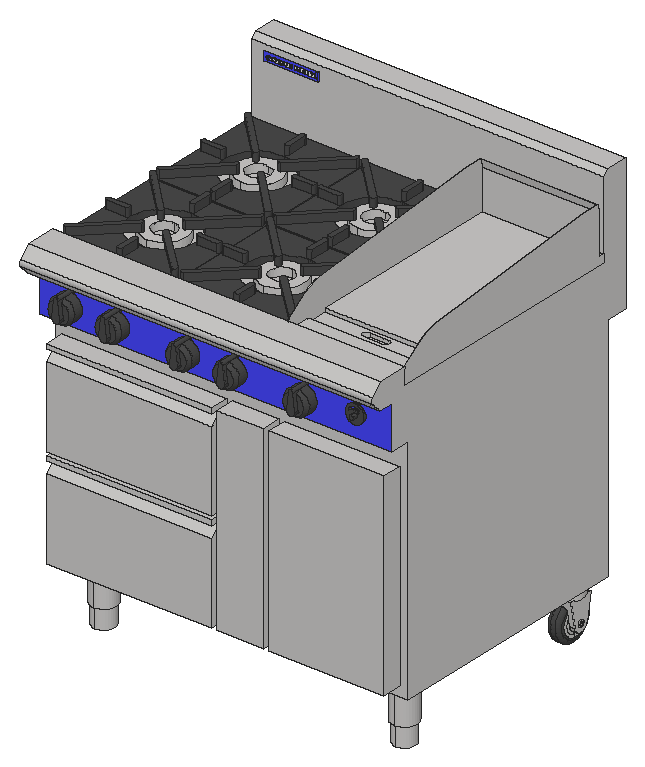
Revit family "QF_MOFFAT_BLUESEAL_CE_G516C-RB", category Specialty Equipment, Revit 2012 (continued)
Definition of nested family "GAS BURNER 600 & GRIDDLE 300"
  Definition of nested family "GAS BURNER 600"
    Forms (mm)
      Extrusion 2, solid, material "QF_Finishes_Black"
        sketch origin (0, 0, 19.5) x (0, -1, 0) y (1, 0, 0)
          loop
            spline (612.398, 284.847) -> (613.159, 285.916) -> (613.559, 287.221) -> (613.572, 288.672) -> (613.197, 290.171) -> (612.459, 291.616) -> (611.408, 292.908) -> (610.116, 293.959) -> (608.671, 294.697) -> (607.172, 295.072) -> (605.721, 295.059) -> (604.416, 294.659) -> (603.347, 293.898)
            line (603.347, 293.898) -> (496.924, 185.975)
            spline (496.924, 185.975) -> (496.163, 184.905) -> (495.762, 183.601) -> (495.749, 182.149) -> (496.125, 180.65) -> (496.863, 179.205) -> (497.914, 177.914) -> (499.205, 176.863) -> (500.65, 176.125) -> (502.149, 175.749) -> (503.601, 175.762) -> (504.905, 176.163) -> (505.975, 176.924)
            line (505.975, 176.924) -> (612.398, 284.847)
          loop
            spline (609.602, 143.6) -> (610.896, 143.818) -> (612.102, 144.457) -> (613.138, 145.475) -> (613.932, 146.8) -> (614.432, 148.344) -> (614.602, 150) -> (614.432, 151.656) -> (613.932, 153.2) -> (613.138, 154.525) -> (612.102, 155.543) -> (610.896, 156.182) -> (609.602, 156.4)
            line (609.602, 156.4) -> (561.898, 156.4)
            spline (561.898, 156.4) -> (560.604, 156.182) -> (559.398, 155.543) -> (558.362, 154.525) -> (557.568, 153.2) -> (557.068, 151.656) -> (556.898, 150) -> (557.068, 148.344) -> (557.568, 146.8) -> (558.362, 145.475) -> (559.398, 144.457) -> (560.604, 143.818) -> (561.898, 143.6)
            line (561.898, 143.6) -> (609.602, 143.6)
          loop
            line (612.398, 15.153) -> (505.975, 123.076)
            spline (505.975, 123.076) -> (504.905, 123.837) -> (503.601, 124.238) -> (502.149, 124.251) -> (500.65, 123.875) -> (499.205, 123.137) -> (497.914, 122.086) -> (496.863, 120.795) -> (496.125, 119.35) -> (495.749, 117.851) -> (495.762, 116.399) -> (496.163, 115.095) -> (496.924, 114.025)
            line (496.924, 114.025) -> (603.347, 6.102)
            spline (603.347, 6.102) -> (604.416, 5.341) -> (605.721, 4.941) -> (607.172, 4.928) -> (608.671, 5.303) -> (610.116, 6.041) -> (611.408, 7.092) -> (612.459, 8.384) -> (613.197, 9.829) -> (613.572, 11.328) -> (613.559, 12.779) -> (613.159, 14.084) -> (612.398, 15.153)
          loop
            line (476.4, 8.898) -> (476.4, 58.102)
            spline (476.4, 58.102) -> (476.182, 59.396) -> (475.543, 60.602) -> (474.525, 61.638) -> (473.2, 62.432) -> (471.656, 62.932) -> (470, 63.102) -> (468.344, 62.932) -> (466.8, 62.432) -> (465.475, 61.638) -> (464.457, 60.602) -> (463.818, 59.396) -> (463.6, 58.102)
            line (463.6, 58.102) -> (463.6, 8.898)
            spline (463.6, 8.898) -> (463.818, 7.604) -> (464.457, 6.398) -> (465.475, 5.362) -> (466.8, 4.568) -> (468.344, 4.068) -> (470, 3.898) -> (471.656, 4.068) -> (473.2, 4.568) -> (474.525, 5.362) -> (475.543, 6.398) -> (476.182, 7.604) -> (476.4, 8.898)
          loop
            spline (22.602, 15.153) -> (21.681, 13.924) -> (21.131, 12.47) -> (20.99, 10.89) -> (21.267, 9.292) -> (21.943, 7.786) -> (22.973, 6.473) -> (24.286, 5.443) -> (25.792, 4.767) -> (27.39, 4.49) -> (28.97, 4.631) -> (30.424, 5.181) -> (31.653, 6.102)
            line (31.653, 6.102) -> (139.576, 114.025)
            spline (139.576, 114.025) -> (140.337, 115.095) -> (140.738, 116.399) -> (140.751, 117.851) -> (140.375, 119.35) -> (139.637, 120.795) -> (138.586, 122.086) -> (137.295, 123.137) -> (135.85, 123.875) -> (134.351, 124.251) -> (132.899, 124.238) -> (131.595, 123.837) -> (130.525, 123.076)
            line (130.525, 123.076) -> (22.602, 15.153)
          loop
            spline (25.398, 156.4) -> (24.104, 156.182) -> (22.898, 155.543) -> (21.862, 154.525) -> (21.068, 153.2) -> (20.568, 151.656) -> (20.398, 150) -> (20.568, 148.344) -> (21.068, 146.8) -> (21.862, 145.475) -> (22.898, 144.457) -> (24.104, 143.818) -> (25.398, 143.6)
            line (25.398, 143.6) -> (74.602, 143.6)
            spline (74.602, 143.6) -> (75.896, 143.818) -> (77.102, 144.457) -> (78.138, 145.475) -> (78.932, 146.8) -> (79.432, 148.344) -> (79.602, 150) -> (79.432, 151.656) -> (78.932, 153.2) -> (78.138, 154.525) -> (77.102, 155.543) -> (75.896, 156.182) -> (74.602, 156.4)
            line (74.602, 156.4) -> (25.398, 156.4)
          loop
            spline (31.653, 293.898) -> (30.584, 294.659) -> (29.279, 295.059) -> (27.828, 295.072) -> (26.329, 294.697) -> (24.884, 293.959) -> (23.592, 292.908) -> (22.541, 291.616) -> (21.803, 290.171) -> (21.428, 288.672) -> (21.441, 287.221) -> (21.841, 285.916) -> (22.602, 284.847)
            line (22.602, 284.847) -> (130.525, 176.924)
            spline (130.525, 176.924) -> (131.595, 176.163) -> (132.899, 175.762) -> (134.351, 175.749) -> (135.85, 176.125) -> (137.295, 176.863) -> (138.586, 177.914) -> (139.637, 179.205) -> (140.375, 180.65) -> (140.751, 182.149) -> (140.738, 183.601) -> (140.337, 184.905) -> (139.576, 185.975)
            line (139.576, 185.975) -> (31.653, 293.898)
          loop
            line (160.1, 291.102) -> (160.1, 241.898)
            spline (160.1, 241.898) -> (160.318, 240.604) -> (160.957, 239.398) -> (161.975, 238.362) -> (163.3, 237.568) -> (164.844, 237.068) -> (166.5, 236.898) -> (168.156, 237.068) -> (169.7, 237.568) -> (171.025, 238.362) -> (172.043, 239.398) -> (172.682, 240.604) -> (172.9, 241.898)
            line (172.9, 241.898) -> (172.9, 291.102)
            spline (172.9, 291.102) -> (172.682, 292.396) -> (172.043, 293.602) -> (171.025, 294.638) -> (169.7, 295.432) -> (168.156, 295.932) -> (166.5, 296.102) -> (164.844, 295.932) -> (163.3, 295.432) -> (161.975, 294.638) -> (160.957, 293.602) -> (160.318, 292.396) -> (160.1, 291.102)
          loop
            spline (313.898, 284.847) -> (314.659, 285.916) -> (315.059, 287.221) -> (315.072, 288.672) -> (314.697, 290.171) -> (313.959, 291.616) -> (312.908, 292.908) -> (311.616, 293.959) -> (310.171, 294.697) -> (308.672, 295.072) -> (307.221, 295.059) -> (305.916, 294.659) -> (304.847, 293.898)
            line (304.847, 293.898) -> (193.424, 185.975)
            spline (193.424, 185.975) -> (192.663, 184.905) -> (192.262, 183.601) -> (192.249, 182.149) -> (192.625, 180.65) -> (193.363, 179.205) -> (194.414, 177.914) -> (195.705, 176.863) -> (197.15, 176.125) -> (198.649, 175.749) -> (200.101, 175.762) -> (201.405, 176.163) -> (202.475, 176.924)
            line (202.475, 176.924) -> (313.898, 284.847)
          loop
            spline (311.102, 143.6) -> (312.396, 143.818) -> (313.602, 144.457) -> (314.638, 145.475) -> (315.432, 146.8) -> (315.932, 148.344) -> (316.102, 150) -> (315.932, 151.656) -> (315.432, 153.2) -> (314.638, 154.525) -> (313.602, 155.543) -> (312.396, 156.182) -> (311.102, 156.4)
            line (311.102, 156.4) -> (261.898, 156.4)
            spline (261.898, 156.4) -> (260.604, 156.182) -> (259.398, 155.543) -> (258.362, 154.525) -> (257.568, 153.2) -> (257.068, 151.656) -> (256.898, 150) -> (257.068, 148.344) -> (257.568, 146.8) -> (258.362, 145.475) -> (259.398, 144.457) -> (260.604, 143.818) -> (261.898, 143.6)
            line (261.898, 143.6) -> (311.102, 143.6)
          loop
            line (313.898, 15.153) -> (202.475, 123.076)
            spline (202.475, 123.076) -> (201.405, 123.837) -> (200.101, 124.238) -> (198.649, 124.251) -> (197.15, 123.875) -> (195.705, 123.137) -> (194.414, 122.086) -> (193.363, 120.795) -> (192.625, 119.35) -> (192.249, 117.851) -> (192.262, 116.399) -> (192.663, 115.095) -> (193.424, 114.025)
            line (193.424, 114.025) -> (304.847, 6.102)
            spline (304.847, 6.102) -> (305.916, 5.341) -> (307.221, 4.941) -> (308.672, 4.928) -> (310.171, 5.303) -> (311.616, 6.041) -> (312.908, 7.092) -> (313.959, 8.384) -> (314.697, 9.829) -> (315.072, 11.328) -> (315.059, 12.779) -> (314.659, 14.084) -> (313.898, 15.153)
          loop
            line (172.9, 8.898) -> (172.9, 58.102)
            spline (172.9, 58.102) -> (172.682, 59.396) -> (172.043, 60.602) -> (171.025, 61.638) -> (169.7, 62.432) -> (168.156, 62.932) -> (166.5, 63.102) -> (164.844, 62.932) -> (163.3, 62.432) -> (161.975, 61.638) -> (160.957, 60.602) -> (160.318, 59.396) -> (160.1, 58.102)
            line (160.1, 58.102) -> (160.1, 8.898)
            spline (160.1, 8.898) -> (160.318, 7.604) -> (160.957, 6.398) -> (161.975, 5.362) -> (163.3, 4.568) -> (164.844, 4.068) -> (166.5, 3.898) -> (168.156, 4.068) -> (169.7, 4.568) -> (171.025, 5.362) -> (172.043, 6.398) -> (172.682, 7.604) -> (172.9, 8.898)
        from 0 to 20.5
      Extrusion 3, solid, material "QF_Finishes_Stainless Steel"
        sketch origin (0, -15.098, 0) x (0, -1, 0) y (1, 0, 0)
          loop
            circle (151.402, 150) r 57
          loop
            circle (451.402, 150) r 57
          loop
            circle (151.402, 150) r 30
          loop
            circle (451.402, 150) r 30
        from 0 to 20
      Extrusion 4, solid, material "QF_Finishes_Black"
        sketch origin (600, 0, 0) x (0, -1, 0) y (1, 0, 0)
          loop
            arc (318.5, -4) -> (317.621, -1.879) -> (315.5, -1) r 3
            line (315.5, -1) -> (3, -1)
            arc (3, -1) -> (0.879, -1.879) -> (0, -4) r 3
            line (0, -4) -> (0, -296)
            arc (0, -296) -> (0.879, -298.121) -> (3, -299) r 3
            line (3, -299) -> (315.5, -299)
            arc (315.5, -299) -> (317.621, -298.121) -> (318.5, -296) r 3
            line (318.5, -296) -> (318.5, -4)
          loop
            arc (324.5, -1) -> (322.379, -1.879) -> (321.5, -4) r 3
            line (321.5, -4) -> (321.5, -296)
            arc (321.5, -296) -> (322.379, -298.121) -> (324.5, -299) r 3
            line (324.5, -299) -> (632, -299)
            arc (632, -299) -> (634.121, -298.121) -> (635, -296) r 3
            line (635, -296) -> (635, -4)
            arc (635, -4) -> (634.121, -1.879) -> (632, -1) r 3
            line (632, -1) -> (324.5, -1)
          loop
            circle (168.5, -149.991) r 84.082
          loop
            circle (468.5, -149.991) r 84.082
        from 0 to 19.5
      Extrusion 5, solid, material "QF_Finishes_Black"
        sketch origin (600, 0, 19.5) x (0, -1, 0) y (1, 0, 0)
          loop
            line (326.102, -15.153) -> (434.025, -123.076)
            spline (434.025, -123.076) -> (435.095, -123.837) -> (436.399, -124.238) -> (437.851, -124.251) -> (439.35, -123.875) -> (440.795, -123.137) -> (442.086, -122.086) -> (443.137, -120.795) -> (443.875, -119.35) -> (444.251, -117.851) -> (444.238, -116.399) -> (443.837, -115.095) -> (443.076, -114.025)
            line (443.076, -114.025) -> (335.153, -6.102)
            spline (335.153, -6.102) -> (333.924, -5.181) -> (332.47, -4.631) -> (330.89, -4.49) -> (329.292, -4.767) -> (327.786, -5.443) -> (326.473, -6.473) -> (325.443, -7.786) -> (324.767, -9.292) -> (324.49, -10.89) -> (324.631, -12.47) -> (325.181, -13.924) -> (326.102, -15.153)
          loop
            line (328.898, -156.4) -> (378.102, -156.4)
            spline (378.102, -156.4) -> (379.396, -156.182) -> (380.602, -155.543) -> (381.638, -154.525) -> (382.432, -153.2) -> (382.932, -151.656) -> (383.102, -150) -> (382.932, -148.344) -> (382.432, -146.8) -> (381.638, -145.475) -> (380.602, -144.457) -> (379.396, -143.818) -> (378.102, -143.6)
            line (378.102, -143.6) -> (328.898, -143.6)
            spline (328.898, -143.6) -> (327.604, -143.818) -> (326.398, -144.457) -> (325.362, -145.475) -> (324.568, -146.8) -> (324.068, -148.344) -> (323.898, -150) -> (324.068, -151.656) -> (324.568, -153.2) -> (325.362, -154.525) -> (326.398, -155.543) -> (327.604, -156.182) -> (328.898, -156.4)
          loop
            line (335.153, -293.898) -> (443.076, -185.975)
            spline (443.076, -185.975) -> (443.837, -184.905) -> (444.238, -183.601) -> (444.251, -182.149) -> (443.875, -180.65) -> (443.137, -179.205) -> (442.086, -177.914) -> (440.795, -176.863) -> (439.35, -176.125) -> (437.851, -175.749) -> (436.399, -175.762) -> (435.095, -176.163) -> (434.025, -176.924)
            line (434.025, -176.924) -> (326.102, -284.847)
            spline (326.102, -284.847) -> (325.341, -285.916) -> (324.941, -287.221) -> (324.928, -288.672) -> (325.303, -290.171) -> (326.041, -291.616) -> (327.092, -292.908) -> (328.384, -293.959) -> (329.829, -294.697) -> (331.328, -295.072) -> (332.779, -295.059) -> (334.084, -294.659) -> (335.153, -293.898)
          loop
            spline (463.6, -291.102) -> (463.818, -292.396) -> (464.457, -293.602) -> (465.475, -294.638) -> (466.8, -295.432) -> (468.344, -295.932) -> (470, -296.102) -> (471.656, -295.932) -> (473.2, -295.432) -> (474.525, -294.638) -> (475.543, -293.602) -> (476.182, -292.396) -> (476.4, -291.102)
            line (476.4, -291.102) -> (476.4, -241.898)
            spline (476.4, -241.898) -> (476.182, -240.604) -> (475.543, -239.398) -> (474.525, -238.362) -> (473.2, -237.568) -> (471.656, -237.068) -> (470, -236.898) -> (468.344, -237.068) -> (466.8, -237.568) -> (465.475, -238.362) -> (464.457, -239.398) -> (463.818, -240.604) -> (463.6, -241.898)
            line (463.6, -241.898) -> (463.6, -291.102)
          loop
            line (612.398, -284.847) -> (505.975, -176.924)
            spline (505.975, -176.924) -> (504.905, -176.163) -> (503.601, -175.762) -> (502.149, -175.749) -> (500.65, -176.125) -> (499.205, -176.863) -> (497.914, -177.914) -> (496.863, -179.205) -> (496.125, -180.65) -> (495.749, -182.149) -> (495.762, -183.601) -> (496.163, -184.905) -> (496.924, -185.975)
            line (496.924, -185.975) -> (603.347, -293.898)
            spline (603.347, -293.898) -> (604.416, -294.659) -> (605.721, -295.059) -> (607.172, -295.072) -> (608.671, -294.697) -> (610.116, -293.959) -> (611.408, -292.908) -> (612.459, -291.616) -> (613.197, -290.171) -> (613.572, -288.672) -> (613.559, -287.221) -> (613.159, -285.916) -> (612.398, -284.847)
          loop
            line (609.602, -143.6) -> (561.898, -143.6)
            spline (561.898, -143.6) -> (560.604, -143.818) -> (559.398, -144.457) -> (558.362, -145.475) -> (557.568, -146.8) -> (557.068, -148.344) -> (556.898, -150) -> (557.068, -151.656) -> (557.568, -153.2) -> (558.362, -154.525) -> (559.398, -155.543) -> (560.604, -156.182) -> (561.898, -156.4)
            line (561.898, -156.4) -> (609.602, -156.4)
            spline (609.602, -156.4) -> (610.896, -156.182) -> (612.102, -155.543) -> (613.138, -154.525) -> (613.932, -153.2) -> (614.432, -151.656) -> (614.602, -150) -> (614.432, -148.344) -> (613.932, -146.8) -> (613.138, -145.475) -> (612.102, -144.457) -> (610.896, -143.818) -> (609.602, -143.6)
          loop
            spline (612.398, -15.153) -> (613.159, -14.084) -> (613.559, -12.779) -> (613.572, -11.328) -> (613.197, -9.829) -> (612.459, -8.384) -> (611.408, -7.092) -> (610.116, -6.041) -> (608.671, -5.303) -> (607.172, -4.928) -> (605.721, -4.941) -> (604.416, -5.341) -> (603.347, -6.102)
            line (603.347, -6.102) -> (496.924, -114.025)
            spline (496.924, -114.025) -> (496.163, -115.095) -> (495.762, -116.399) -> (495.749, -117.851) -> (496.125, -119.35) -> (496.863, -120.795) -> (497.914, -122.086) -> (499.205, -123.137) -> (500.65, -123.875) -> (502.149, -124.251) -> (503.601, -124.238) -> (504.905, -123.837) -> (505.975, -123.076)
            line (505.975, -123.076) -> (612.398, -15.153)
          loop
            spline (476.4, -8.898) -> (476.182, -7.604) -> (475.543, -6.398) -> (474.525, -5.362) -> (473.2, -4.568) -> (471.656, -4.068) -> (470, -3.898) -> (468.344, -4.068) -> (466.8, -4.568) -> (465.475, -5.362) -> (464.457, -6.398) -> (463.818, -7.604) -> (463.6, -8.898)
            line (463.6, -8.898) -> (463.6, -58.102)
            spline (463.6, -58.102) -> (463.818, -59.396) -> (464.457, -60.602) -> (465.475, -61.638) -> (466.8, -62.432) -> (468.344, -62.932) -> (470, -63.102) -> (471.656, -62.932) -> (473.2, -62.432) -> (474.525, -61.638) -> (475.543, -60.602) -> (476.182, -59.396) -> (476.4, -58.102)
            line (476.4, -58.102) -> (476.4, -8.898)
          loop
            line (22.602, -15.153) -> (130.525, -123.076)
            spline (130.525, -123.076) -> (131.595, -123.837) -> (132.899, -124.238) -> (134.351, -124.251) -> (135.85, -123.875) -> (137.295, -123.137) -> (138.586, -122.086) -> (139.637, -120.795) -> (140.375, -119.35) -> (140.751, -117.851) -> (140.738, -116.399) -> (140.337, -115.095) -> (139.576, -114.025)
            line (139.576, -114.025) -> (31.653, -6.102)
            spline (31.653, -6.102) -> (30.424, -5.181) -> (28.97, -4.631) -> (27.39, -4.49) -> (25.792, -4.767) -> (24.286, -5.443) -> (22.973, -6.473) -> (21.943, -7.786) -> (21.267, -9.292) -> (20.99, -10.89) -> (21.131, -12.47) -> (21.681, -13.924) -> (22.602, -15.153)
          loop
            line (25.398, -156.4) -> (74.602, -156.4)
            spline (74.602, -156.4) -> (75.896, -156.182) -> (77.102, -155.543) -> (78.138, -154.525) -> (78.932, -153.2) -> (79.432, -151.656) -> (79.602, -150) -> (79.432, -148.344) -> (78.932, -146.8) -> (78.138, -145.475) -> (77.102, -144.457) -> (75.896, -143.818) -> (74.602, -143.6)
            line (74.602, -143.6) -> (25.398, -143.6)
            spline (25.398, -143.6) -> (24.104, -143.818) -> (22.898, -144.457) -> (21.862, -145.475) -> (21.068, -146.8) -> (20.568, -148.344) -> (20.398, -150) -> (20.568, -151.656) -> (21.068, -153.2) -> (21.862, -154.525) -> (22.898, -155.543) -> (24.104, -156.182) -> (25.398, -156.4)
          loop
            line (31.653, -293.898) -> (139.576, -185.975)
            spline (139.576, -185.975) -> (140.337, -184.905) -> (140.738, -183.601) -> (140.751, -182.149) -> (140.375, -180.65) -> (139.637, -179.205) -> (138.586, -177.914) -> (137.295, -176.863) -> (135.85, -176.125) -> (134.351, -175.749) -> (132.899, -175.762) -> (131.595, -176.163) -> (130.525, -176.924)
            line (130.525, -176.924) -> (22.602, -284.847)
            spline (22.602, -284.847) -> (21.841, -285.916) -> (21.441, -287.221) -> (21.428, -288.672) -> (21.803, -290.171) -> (22.541, -291.616) -> (23.592, -292.908) -> (24.884, -293.959) -> (26.329, -294.697) -> (27.828, -295.072) -> (29.279, -295.059) -> (30.584, -294.659) -> (31.653, -293.898)
          loop
            spline (160.1, -291.102) -> (160.318, -292.396) -> (160.957, -293.602) -> (161.975, -294.638) -> (163.3, -295.432) -> (164.844, -295.932) -> (166.5, -296.102) -> (168.156, -295.932) -> (169.7, -295.432) -> (171.025, -294.638) -> (172.043, -293.602) -> (172.682, -292.396) -> (172.9, -291.102)
            line (172.9, -291.102) -> (172.9, -241.898)
            spline (172.9, -241.898) -> (172.682, -240.604) -> (172.043, -239.398) -> (171.025, -238.362) -> (169.7, -237.568) -> (168.156, -237.068) -> (166.5, -236.898) -> (164.844, -237.068) -> (163.3, -237.568) -> (161.975, -238.362) -> (160.957, -239.398) -> (160.318, -240.604) -> (160.1, -241.898)
            line (160.1, -241.898) -> (160.1, -291.102)
          loop
            line (313.898, -284.847) -> (202.475, -176.924)
            spline (202.475, -176.924) -> (201.405, -176.163) -> (200.101, -175.762) -> (198.649, -175.749) -> (197.15, -176.125) -> (195.705, -176.863) -> (194.414, -177.914) -> (193.363, -179.205) -> (192.625, -180.65) -> (192.249, -182.149) -> (192.262, -183.601) -> (192.663, -184.905) -> (193.424, -185.975)
            line (193.424, -185.975) -> (304.847, -293.898)
            spline (304.847, -293.898) -> (305.916, -294.659) -> (307.221, -295.059) -> (308.672, -295.072) -> (310.171, -294.697) -> (311.616, -293.959) -> (312.908, -292.908) -> (313.959, -291.616) -> (314.697, -290.171) -> (315.072, -288.672) -> (315.059, -287.221) -> (314.659, -285.916) -> (313.898, -284.847)
          loop
            line (311.102, -143.6) -> (261.898, -143.6)
            spline (261.898, -143.6) -> (260.604, -143.818) -> (259.398, -144.457) -> (258.362, -145.475) -> (257.568, -146.8) -> (257.068, -148.344) -> (256.898, -150) -> (257.068, -151.656) -> (257.568, -153.2) -> (258.362, -154.525) -> (259.398, -155.543) -> (260.604, -156.182) -> (261.898, -156.4)
            line (261.898, -156.4) -> (311.102, -156.4)
            spline (311.102, -156.4) -> (312.396, -156.182) -> (313.602, -155.543) -> (314.638, -154.525) -> (315.432, -153.2) -> (315.932, -151.656) -> (316.102, -150) -> (315.932, -148.344) -> (315.432, -146.8) -> (314.638, -145.475) -> (313.602, -144.457) -> (312.396, -143.818) -> (311.102, -143.6)
          loop
            spline (313.898, -15.153) -> (314.659, -14.084) -> (315.059, -12.779) -> (315.072, -11.328) -> (314.697, -9.829) -> (313.959, -8.384) -> (312.908, -7.092) -> (311.616, -6.041) -> (310.171, -5.303) -> (308.672, -4.928) -> (307.221, -4.941) -> (305.916, -5.341) -> (304.847, -6.102)
            line (304.847, -6.102) -> (193.424, -114.025)
            spline (193.424, -114.025) -> (192.663, -115.095) -> (192.262, -116.399) -> (192.249, -117.851) -> (192.625, -119.35) -> (193.363, -120.795) -> (194.414, -122.086) -> (195.705, -123.137) -> (197.15, -123.875) -> (198.649, -124.251) -> (200.101, -124.238) -> (201.405, -123.837) -> (202.475, -123.076)
            line (202.475, -123.076) -> (313.898, -15.153)
          loop
            spline (172.9, -8.898) -> (172.682, -7.604) -> (172.043, -6.398) -> (171.025, -5.362) -> (169.7, -4.568) -> (168.156, -4.068) -> (166.5, -3.898) -> (164.844, -4.068) -> (163.3, -4.568) -> (161.975, -5.362) -> (160.957, -6.398) -> (160.318, -7.604) -> (160.1, -8.898)
            line (160.1, -8.898) -> (160.1, -58.102)
            spline (160.1, -58.102) -> (160.318, -59.396) -> (160.957, -60.602) -> (161.975, -61.638) -> (163.3, -62.432) -> (164.844, -62.932) -> (166.5, -63.102) -> (168.156, -62.932) -> (169.7, -62.432) -> (171.025, -61.638) -> (172.043, -60.602) -> (172.682, -59.396) -> (172.9, -58.102)
            line (172.9, -58.102) -> (172.9, -8.898)
        from 0 to 20.5
      Extrusion 6, solid, material "QF_Finishes_Stainless Steel"
        sketch origin (600, -15.098, 0) x (0, -1, 0) y (1, 0, 0)
          loop
            circle (151.402, -150) r 57
          loop
            circle (451.402, -150) r 57
          loop
            circle (151.402, -150) r 30
          loop
            circle (451.402, -150) r 30
        from 0 to 20
    Lines and regions (mm)
      symbolic lines
        curve 1: line (284.847, -22.602, 0) -> (176.924, -130.525, 0)
        curve 2: spline (176.924, -130.525, 0) -> (176.163, -131.595, 0) -> (175.762, -132.899, 0) -> (175.749, -134.351, 0) -> (176.125, -135.85, 0) -> (176.863, -137.295, 0) -> (177.914, -138.586, 0) -> (179.205, -139.637, 0) -> (180.65, -140.375, 0) -> (182.149, -140.751, 0) -> (183.601, -140.738, 0) -> (184.905, -140.337, 0) -> (185.975, -139.576, 0)
        curve 3: line (185.975, -139.576, 0) -> (293.898, -31.653, 0)
        curve 4: spline (293.898, -31.653, 0) -> (294.659, -30.584, 0) -> (295.059, -29.279, 0) -> (295.072, -27.828, 0) -> (294.697, -26.329, 0) -> (293.959, -24.884, 0) -> (292.908, -23.592, 0) -> (291.616, -22.541, 0) -> (290.171, -21.803, 0) -> (288.672, -21.428, 0) -> (287.221, -21.441, 0) -> (285.916, -21.841, 0) -> (284.847, -22.602, 0)
        curve 5: line (291.102, -160.1, 0) -> (241.898, -160.1, 0)
        curve 6: spline (241.898, -160.1, 0) -> (240.604, -160.318, 0) -> (239.398, -160.957, 0) -> (238.362, -161.975, 0) -> (237.568, -163.3, 0) -> (237.068, -164.844, 0) -> (236.898, -166.5, 0) -> (237.068, -168.156, 0) -> (237.568, -169.7, 0) -> (238.362, -171.025, 0) -> (239.398, -172.043, 0) -> (240.604, -172.682, 0) -> (241.898, -172.9, 0)
        curve 7: line (241.898, -172.9, 0) -> (291.102, -172.9, 0)
        curve 8: spline (291.102, -172.9, 0) -> (292.396, -172.682, 0) -> (293.602, -172.043, 0) -> (294.638, -171.025, 0) -> (295.432, -169.7, 0) -> (295.932, -168.156, 0) -> (296.102, -166.5, 0) -> (295.932, -164.844, 0) -> (295.432, -163.3, 0) -> (294.638, -161.975, 0) -> (293.602, -160.957, 0) -> (292.396, -160.318, 0) -> (291.102, -160.1, 0)
        curve 9: line (306.102, -31.653, 0) -> (414.025, -139.576, 0)
        curve 10: spline (414.025, -139.576, 0) -> (415.095, -140.337, 0) -> (416.399, -140.738, 0) -> (417.851, -140.751, 0) -> (419.35, -140.375, 0) -> (420.795, -139.637, 0) -> (422.086, -138.586, 0) -> (423.137, -137.295, 0) -> (423.875, -135.85, 0) -> (424.251, -134.351, 0) -> (424.238, -132.899, 0) -> (423.837, -131.595, 0) -> (423.076, -130.525, 0)
        curve 11: line (423.076, -130.525, 0) -> (315.153, -22.602, 0)
        curve 12: spline (315.153, -22.602, 0) -> (314.084, -21.841, 0) -> (312.779, -21.441, 0) -> (311.328, -21.428, 0) -> (309.829, -21.803, 0) -> (308.384, -22.541, 0) -> (307.092, -23.592, 0) -> (306.041, -24.884, 0) -> (305.303, -26.329, 0) -> (304.928, -27.828, 0) -> (304.941, -29.279, 0) -> (305.341, -30.584, 0) -> (306.102, -31.653, 0)
        curve 13: line (443.6, -25.398, 0) -> (443.6, -74.602, 0)
        curve 14: spline (443.6, -74.602, 0) -> (443.818, -75.896, 0) -> (444.457, -77.102, 0) -> (445.475, -78.138, 0) -> (446.8, -78.932, 0) -> (448.344, -79.432, 0) -> (450, -79.602, 0) -> (451.656, -79.432, 0) -> (453.2, -78.932, 0) -> (454.525, -78.138, 0) -> (455.543, -77.102, 0) -> (456.182, -75.896, 0) -> (456.4, -74.602, 0)
        curve 15: line (456.4, -74.602, 0) -> (456.4, -25.398, 0)
        curve 16: spline (456.4, -25.398, 0) -> (456.182, -24.104, 0) -> (455.543, -22.898, 0) -> (454.525, -21.862, 0) -> (453.2, -21.068, 0) -> (451.656, -20.568, 0) -> (450, -20.398, 0) -> (448.344, -20.568, 0) -> (446.8, -21.068, 0) -> (445.475, -21.862, 0) -> (444.457, -22.898, 0) -> (443.818, -24.104, 0) -> (443.6, -25.398, 0)
        curve 17: line (584.847, -22.602, 0) -> (476.924, -130.525, 0)
        curve 18: spline (476.924, -130.525, 0) -> (476.163, -131.595, 0) -> (475.762, -132.899, 0) -> (475.749, -134.351, 0) -> (476.125, -135.85, 0) -> (476.863, -137.295, 0) -> (477.914, -138.586, 0) -> (479.205, -139.637, 0) -> (480.65, -140.375, 0) -> (482.149, -140.751, 0) -> (483.601, -140.738, 0) -> (484.905, -140.337, 0) -> (485.975, -139.576, 0)
        curve 19: line (485.975, -139.576, 0) -> (593.898, -31.653, 0)
        curve 20: spline (593.898, -31.653, 0) -> (594.819, -30.424, 0) -> (595.369, -28.97, 0) -> (595.51, -27.39, 0) -> (595.233, -25.792, 0) -> (594.557, -24.286, 0) -> (593.527, -22.973, 0) -> (592.214, -21.943, 0) -> (590.708, -21.267, 0) -> (589.11, -20.99, 0) -> (587.53, -21.131, 0) -> (586.076, -21.681, 0) -> (584.847, -22.602, 0)
        curve 21: line (591.102, -160.1, 0) -> (541.898, -160.1, 0)
        curve 22: spline (541.898, -160.1, 0) -> (540.604, -160.318, 0) -> (539.398, -160.957, 0) -> (538.362, -161.975, 0) -> (537.568, -163.3, 0) -> (537.068, -164.844, 0) -> (536.898, -166.5, 0) -> (537.068, -168.156, 0) -> (537.568, -169.7, 0) -> (538.362, -171.025, 0) -> (539.398, -172.043, 0) -> (540.604, -172.682, 0) -> (541.898, -172.9, 0)
        curve 23: line (541.898, -172.9, 0) -> (591.102, -172.9, 0)
        curve 24: spline (591.102, -172.9, 0) -> (592.396, -172.682, 0) -> (593.602, -172.043, 0) -> (594.638, -171.025, 0) -> (595.432, -169.7, 0) -> (595.932, -168.156, 0) -> (596.102, -166.5, 0) -> (595.932, -164.844, 0) -> (595.432, -163.3, 0) -> (594.638, -161.975, 0) -> (593.602, -160.957, 0) -> (592.396, -160.318, 0) -> (591.102, -160.1, 0)
        curve 25: line (593.898, -304.847, 0) -> (485.975, -193.424, 0)
        curve 26: spline (485.975, -193.424, 0) -> (484.905, -192.663, 0) -> (483.601, -192.262, 0) -> (482.149, -192.249, 0) -> (480.65, -192.625, 0) -> (479.205, -193.363, 0) -> (477.914, -194.414, 0) -> (476.863, -195.705, 0) -> (476.125, -197.15, 0) -> (475.749, -198.649, 0) -> (475.762, -200.101, 0) -> (476.163, -201.405, 0) -> (476.924, -202.475, 0)
        curve 27: line (476.924, -202.475, 0) -> (584.847, -313.898, 0)
        curve 28: spline (584.847, -313.898, 0) -> (585.916, -314.659, 0) -> (587.221, -315.059, 0) -> (588.672, -315.072, 0) -> (590.171, -314.697, 0) -> (591.616, -313.959, 0) -> (592.908, -312.908, 0) -> (593.959, -311.616, 0) -> (594.697, -310.171, 0) -> (595.072, -308.672, 0) -> (595.059, -307.221, 0) -> (594.659, -305.916, 0) -> (593.898, -304.847, 0)
        curve 29: arc (450, -223.5, 0) -> (468.725, -220.336, 0) -> (485.372, -211.197, 0) r 57
        curve 30: arc (450, -109.5, 0) -> (431.183, -112.696, 0) -> (414.475, -121.924, 0) r 57
        curve 31: arc (450.009, -84.418, 0) -> (478.534, -89.404, 0) -> (503.676, -103.773, 0) r 84.082
        curve 32: arc (450.009, -252.582, 0) -> (420.453, -247.216, 0) -> (394.669, -231.803, 0) r 84.082
        curve 33: arc (450, -136.5, 0) -> (480, -166.5, 0) -> (450, -196.5, 0) r 30
        curve 34: arc (450, -196.5, 0) -> (420, -166.5, 0) -> (450, -136.5, 0) r 30
        curve 35: arc (150, -223.5, 0) -> (168.725, -220.336, 0) -> (185.372, -211.197, 0) r 57
        curve 36: arc (150, -109.5, 0) -> (131.183, -112.696, 0) -> (114.475, -121.924, 0) r 57
        curve 37: arc (149.991, -84.418, 0) -> (178.523, -89.406, 0) -> (203.668, -103.781, 0) r 84.082
        curve 38: arc (149.991, -252.582, 0) -> (120.441, -247.219, 0) -> (94.661, -231.812, 0) r 84.082
        curve 39: line (156.4, -74.602, 0) -> (156.4, -25.398, 0)
        curve 40: spline (156.4, -25.398, 0) -> (156.182, -24.104, 0) -> (155.543, -22.898, 0) -> (154.525, -21.862, 0) -> (153.2, -21.068, 0) -> (151.656, -20.568, 0) -> (150, -20.398, 0) -> (148.344, -20.568, 0) -> (146.8, -21.068, 0) -> (145.475, -21.862, 0) -> (144.457, -22.898, 0) -> (143.818, -24.104, 0) -> (143.6, -25.398, 0)
        curve 41: line (143.6, -25.398, 0) -> (143.6, -74.602, 0)
        curve 42: spline (143.6, -74.602, 0) -> (143.818, -75.896, 0) -> (144.457, -77.102, 0) -> (145.475, -78.138, 0) -> (146.8, -78.932, 0) -> (148.344, -79.432, 0) -> (150, -79.602, 0) -> (151.656, -79.432, 0) -> (153.2, -78.932, 0) -> (154.525, -78.138, 0) -> (155.543, -77.102, 0) -> (156.182, -75.896, 0) -> (156.4, -74.602, 0)
        curve 43: line (358.102, -160.1, 0) -> (308.898, -160.1, 0)
        curve 44: spline (308.898, -160.1, 0) -> (307.604, -160.318, 0) -> (306.398, -160.957, 0) -> (305.362, -161.975, 0) -> (304.568, -163.3, 0) -> (304.068, -164.844, 0) -> (303.898, -166.5, 0) -> (304.068, -168.156, 0) -> (304.568, -169.7, 0) -> (305.362, -171.025, 0) -> (306.398, -172.043, 0) -> (307.604, -172.682, 0) -> (308.898, -172.9, 0)
        curve 45: line (308.898, -172.9, 0) -> (358.102, -172.9, 0)
        curve 46: spline (358.102, -172.9, 0) -> (359.396, -172.682, 0) -> (360.602, -172.043, 0) -> (361.638, -171.025, 0) -> (362.432, -169.7, 0) -> (362.932, -168.156, 0) -> (363.102, -166.5, 0) -> (362.932, -164.844, 0) -> (362.432, -163.3, 0) -> (361.638, -161.975, 0) -> (360.602, -160.957, 0) -> (359.396, -160.318, 0) -> (358.102, -160.1, 0)
        curve 47: line (414.025, -193.424, 0) -> (306.102, -304.847, 0)
        curve 48: spline (306.102, -304.847, 0) -> (305.341, -305.916, 0) -> (304.941, -307.221, 0) -> (304.928, -308.672, 0) -> (305.303, -310.171, 0) -> (306.041, -311.616, 0) -> (307.092, -312.908, 0) -> (308.384, -313.959, 0) -> (309.829, -314.697, 0) -> (311.328, -315.072, 0) -> (312.779, -315.059, 0) -> (314.084, -314.659, 0) -> (315.153, -313.898, 0)
        curve 49: line (315.153, -313.898, 0) -> (423.076, -202.475, 0)
        curve 50: spline (423.076, -202.475, 0) -> (423.837, -201.405, 0) -> (424.238, -200.101, 0) -> (424.251, -198.649, 0) -> (423.875, -197.15, 0) -> (423.137, -195.705, 0) -> (422.086, -194.414, 0) -> (420.795, -193.363, 0) -> (419.35, -192.625, 0) -> (417.851, -192.249, 0) -> (416.399, -192.262, 0) -> (415.095, -192.663, 0) -> (414.025, -193.424, 0)
        curve 51: line (456.4, -311.102, 0) -> (456.4, -261.898, 0)
        curve 52: spline (456.4, -261.898, 0) -> (456.182, -260.604, 0) -> (455.543, -259.398, 0) -> (454.525, -258.362, 0) -> (453.2, -257.568, 0) -> (451.656, -257.068, 0) -> (450, -256.898, 0) -> (448.344, -257.068, 0) -> (446.8, -257.568, 0) -> (445.475, -258.362, 0) -> (444.457, -259.398, 0) -> (443.818, -260.604, 0) -> (443.6, -261.898, 0)
        curve 53: line (443.6, -261.898, 0) -> (443.6, -311.102, 0)
        curve 54: spline (443.6, -311.102, 0) -> (443.818, -312.396, 0) -> (444.457, -313.602, 0) -> (445.475, -314.638, 0) -> (446.8, -315.432, 0) -> (448.344, -315.932, 0) -> (450, -316.102, 0) -> (451.656, -315.932, 0) -> (453.2, -315.432, 0) -> (454.525, -314.638, 0) -> (455.543, -313.602, 0) -> (456.182, -312.396, 0) -> (456.4, -311.102, 0)
        curve 55: line (596, 0, 0) -> (304, 0, 0)
        curve 56: arc (304, 0, 0) -> (301.879, -0.879, 0) -> (301, -3, 0) r 3
        curve 57: line (301, -3, 0) -> (301, -315.5, 0)
        curve 58: arc (301, -315.5, 0) -> (301.879, -317.621, 0) -> (304, -318.5, 0) r 3
        curve 59: line (304, -318.5, 0) -> (596, -318.5, 0)
        curve 60: arc (596, -318.5, 0) -> (598.121, -317.621, 0) -> (599, -315.5, 0) r 3
        curve 61: line (599, -315.5, 0) -> (599, -3, 0)
        curve 62: arc (599, -3, 0) -> (598.121, -0.879, 0) -> (596, 0, 0) r 3
        curve 63: line (296, 0, 0) -> (4, 0, 0)
        curve 64: arc (4, 0, 0) -> (1.879, -0.879, 0) -> (1, -3, 0) r 3
        curve 65: line (1, -3, 0) -> (1, -315.5, 0)
        curve 66: arc (1, -315.5, 0) -> (1.879, -317.621, 0) -> (4, -318.5, 0) r 3
        curve 67: line (4, -318.5, 0) -> (296, -318.5, 0)
        curve 68: arc (296, -318.5, 0) -> (298.121, -317.621, 0) -> (299, -315.5, 0) r 3
        curve 69: line (299, -315.5, 0) -> (299, -3, 0)
        curve 70: arc (299, -3, 0) -> (298.121, -0.879, 0) -> (296, 0, 0) r 3
        curve 71: line (296, -321.5, 0) -> (4, -321.5, 0)
        curve 72: arc (4, -321.5, 0) -> (1.879, -322.379, 0) -> (1, -324.5, 0) r 3
        curve 73: line (1, -324.5, 0) -> (1, -632, 0)
        curve 74: arc (1, -632, 0) -> (1.879, -634.121, 0) -> (4, -635, 0) r 3
        curve 75: line (4, -635, 0) -> (296, -635, 0)
        curve 76: arc (296, -635, 0) -> (298.121, -634.121, 0) -> (299, -632, 0) r 3
        curve 77: line (299, -632, 0) -> (299, -324.5, 0)
        curve 78: arc (299, -324.5, 0) -> (298.121, -322.379, 0) -> (296, -321.5, 0) r 3
        curve 79: line (596, -321.5, 0) -> (304, -321.5, 0)
        curve 80: arc (304, -321.5, 0) -> (301.879, -322.379, 0) -> (301, -324.5, 0) r 3
        curve 81: line (301, -324.5, 0) -> (301, -632, 0)
        curve 82: arc (301, -632, 0) -> (301.879, -634.121, 0) -> (304, -635, 0) r 3
        curve 83: line (304, -635, 0) -> (596, -635, 0)
        curve 84: arc (596, -635, 0) -> (598.121, -634.121, 0) -> (599, -632, 0) r 3
        curve 85: line (599, -632, 0) -> (599, -324.5, 0)
        curve 86: arc (599, -324.5, 0) -> (598.121, -322.379, 0) -> (596, -321.5, 0) r 3
        curve 87: line (293.898, -304.847, 0) -> (185.975, -193.424, 0)
        curve 88: spline (185.975, -193.424, 0) -> (184.905, -192.663, 0) -> (183.601, -192.262, 0) -> (182.149, -192.249, 0) -> (180.65, -192.625, 0) -> (179.205, -193.363, 0) -> (177.914, -194.414, 0) -> (176.863, -195.705, 0) -> (176.125, -197.15, 0) -> (175.749, -198.649, 0) -> (175.762, -200.101, 0) -> (176.163, -201.405, 0) -> (176.924, -202.475, 0)
        curve 89: line (176.924, -202.475, 0) -> (284.847, -313.898, 0)
        curve 90: spline (284.847, -313.898, 0) -> (285.916, -314.659, 0) -> (287.221, -315.059, 0) -> (288.672, -315.072, 0) -> (290.171, -314.697, 0) -> (291.616, -313.959, 0) -> (292.908, -312.908, 0) -> (293.959, -311.616, 0) -> (294.697, -310.171, 0) -> (295.072, -308.672, 0) -> (295.059, -307.221, 0) -> (294.659, -305.916, 0) -> (293.898, -304.847, 0)
        curve 91: line (15.153, -313.898, 0) -> (123.076, -202.475, 0)
        curve 92: spline (123.076, -202.475, 0) -> (123.837, -201.405, 0) -> (124.238, -200.101, 0) -> (124.251, -198.649, 0) -> (123.875, -197.15, 0) -> (123.137, -195.705, 0) -> (122.086, -194.414, 0) -> (120.795, -193.363, 0) -> (119.35, -192.625, 0) -> (117.851, -192.249, 0) -> (116.399, -192.262, 0) -> (115.095, -192.663, 0) -> (114.025, -193.424, 0)
        curve 93: line (114.025, -193.424, 0) -> (6.102, -304.847, 0)
        curve 94: spline (6.102, -304.847, 0) -> (5.341, -305.916, 0) -> (4.941, -307.221, 0) -> (4.928, -308.672, 0) -> (5.303, -310.171, 0) -> (6.041, -311.616, 0) -> (7.092, -312.908, 0) -> (8.384, -313.959, 0) -> (9.829, -314.697, 0) -> (11.328, -315.072, 0) -> (12.779, -315.059, 0) -> (14.084, -314.659, 0) -> (15.153, -313.898, 0)
        curve 95: line (8.898, -172.9, 0) -> (58.102, -172.9, 0)
        curve 96: spline (58.102, -172.9, 0) -> (59.396, -172.682, 0) -> (60.602, -172.043, 0) -> (61.638, -171.025, 0) -> (62.432, -169.7, 0) -> (62.932, -168.156, 0) -> (63.102, -166.5, 0) -> (62.932, -164.844, 0) -> (62.432, -163.3, 0) -> (61.638, -161.975, 0) -> (60.602, -160.957, 0) -> (59.396, -160.318, 0) -> (58.102, -160.1, 0)
        curve 97: line (58.102, -160.1, 0) -> (8.898, -160.1, 0)
        curve 98: spline (8.898, -160.1, 0) -> (7.604, -160.318, 0) -> (6.398, -160.957, 0) -> (5.362, -161.975, 0) -> (4.568, -163.3, 0) -> (4.068, -164.844, 0) -> (3.898, -166.5, 0) -> (4.068, -168.156, 0) -> (4.568, -169.7, 0) -> (5.362, -171.025, 0) -> (6.398, -172.043, 0) -> (7.604, -172.682, 0) -> (8.898, -172.9, 0)
        curve 99: line (6.102, -31.653, 0) -> (114.025, -139.576, 0)
        curve 100: spline (114.025, -139.576, 0) -> (115.095, -140.337, 0) -> (116.399, -140.738, 0) -> (117.851, -140.751, 0) -> (119.35, -140.375, 0) -> (120.795, -139.637, 0) -> (122.086, -138.586, 0) -> (123.137, -137.295, 0) -> (123.875, -135.85, 0) -> (124.251, -134.351, 0) -> (124.238, -132.899, 0) -> (123.837, -131.595, 0) -> (123.076, -130.525, 0)
        curve 101: line (123.076, -130.525, 0) -> (15.153, -22.602, 0)
        curve 102: spline (15.153, -22.602, 0) -> (13.924, -21.681, 0) -> (12.47, -21.131, 0) -> (10.89, -20.99, 0) -> (9.292, -21.267, 0) -> (7.786, -21.943, 0) -> (6.473, -22.973, 0) -> (5.443, -24.286, 0) -> (4.767, -25.792, 0) -> (4.49, -27.39, 0) -> (4.631, -28.97, 0) -> (5.181, -30.424, 0) -> (6.102, -31.653, 0)
        curve 103: arc (150, -136.5, 0) -> (180, -166.5, 0) -> (150, -196.5, 0) r 30
        curve 104: arc (150, -196.5, 0) -> (120, -166.5, 0) -> (150, -136.5, 0) r 30
        curve 105: line (156.4, -311.102, 0) -> (156.4, -261.898, 0)
        curve 106: spline (156.4, -261.898, 0) -> (156.182, -260.604, 0) -> (155.543, -259.398, 0) -> (154.525, -258.362, 0) -> (153.2, -257.568, 0) -> (151.656, -257.068, 0) -> (150, -256.898, 0) -> (148.344, -257.068, 0) -> (146.8, -257.568, 0) -> (145.475, -258.362, 0) -> (144.457, -259.398, 0) -> (143.818, -260.604, 0) -> (143.6, -261.898, 0)
        curve 107: line (143.6, -261.898, 0) -> (143.6, -311.102, 0)
        curve 108: spline (143.6, -311.102, 0) -> (143.818, -312.396, 0) -> (144.457, -313.602, 0) -> (145.475, -314.638, 0) -> (146.8, -315.432, 0) -> (148.344, -315.932, 0) -> (150, -316.102, 0) -> (151.656, -315.932, 0) -> (153.2, -315.432, 0) -> (154.525, -314.638, 0) -> (155.543, -313.602, 0) -> (156.182, -312.396, 0) -> (156.4, -311.102, 0)
        curve 109: line (156.4, -378.102, 0) -> (156.4, -328.898, 0)
        curve 110: spline (156.4, -328.898, 0) -> (156.182, -327.604, 0) -> (155.543, -326.398, 0) -> (154.525, -325.362, 0) -> (153.2, -324.568, 0) -> (151.656, -324.068, 0) -> (150, -323.898, 0) -> (148.344, -324.068, 0) -> (146.8, -324.568, 0) -> (145.475, -325.362, 0) -> (144.457, -326.398, 0) -> (143.818, -327.604, 0) -> (143.6, -328.898, 0)
        curve 111: line (143.6, -328.898, 0) -> (143.6, -378.102, 0)
        curve 112: spline (143.6, -378.102, 0) -> (143.818, -379.396, 0) -> (144.457, -380.602, 0) -> (145.475, -381.638, 0) -> (146.8, -382.432, 0) -> (148.344, -382.932, 0) -> (150, -383.102, 0) -> (151.656, -382.932, 0) -> (153.2, -382.432, 0) -> (154.525, -381.638, 0) -> (155.543, -380.602, 0) -> (156.182, -379.396, 0) -> (156.4, -378.102, 0)
        curve 113: line (284.847, -326.102, 0) -> (176.924, -434.025, 0)
        curve 114: spline (176.924, -434.025, 0) -> (176.163, -435.095, 0) -> (175.762, -436.399, 0) -> (175.749, -437.851, 0) -> (176.125, -439.35, 0) -> (176.863, -440.795, 0) -> (177.914, -442.086, 0) -> (179.205, -443.137, 0) -> (180.65, -443.875, 0) -> (182.149, -444.251, 0) -> (183.601, -444.238, 0) -> (184.905, -443.837, 0) -> (185.975, -443.076, 0)
        curve 115: line (185.975, -443.076, 0) -> (293.898, -335.153, 0)
        curve 116: spline (293.898, -335.153, 0) -> (294.659, -334.084, 0) -> (295.059, -332.779, 0) -> (295.072, -331.328, 0) -> (294.697, -329.829, 0) -> (293.959, -328.384, 0) -> (292.908, -327.092, 0) -> (291.616, -326.041, 0) -> (290.171, -325.303, 0) -> (288.672, -324.928, 0) -> (287.221, -324.941, 0) -> (285.916, -325.341, 0) -> (284.847, -326.102, 0)
        curve 117: line (123.076, -434.025, 0) -> (15.153, -326.102, 0)
        curve 118: spline (15.153, -326.102, 0) -> (13.924, -325.181, 0) -> (12.47, -324.631, 0) -> (10.89, -324.49, 0) -> (9.292, -324.767, 0) -> (7.786, -325.443, 0) -> (6.473, -326.473, 0) -> (5.443, -327.786, 0) -> (4.767, -329.292, 0) -> (4.49, -330.89, 0) -> (4.631, -332.47, 0) -> (5.181, -333.924, 0) -> (6.102, -335.153, 0)
        curve 119: line (6.102, -335.153, 0) -> (114.025, -443.076, 0)
        curve 120: spline (114.025, -443.076, 0) -> (115.095, -443.837, 0) -> (116.399, -444.238, 0) -> (117.851, -444.251, 0) -> (119.35, -443.875, 0) -> (120.795, -443.137, 0) -> (122.086, -442.086, 0) -> (123.137, -440.795, 0) -> (123.875, -439.35, 0) -> (124.251, -437.851, 0) -> (124.238, -436.399, 0) -> (123.837, -435.095, 0) -> (123.076, -434.025, 0)
        curve 121: line (58.102, -463.6, 0) -> (8.898, -463.6, 0)
        curve 122: spline (8.898, -463.6, 0) -> (7.604, -463.818, 0) -> (6.398, -464.457, 0) -> (5.362, -465.475, 0) -> (4.568, -466.8, 0) -> (4.068, -468.344, 0) -> (3.898, -470, 0) -> (4.068, -471.656, 0) -> (4.568, -473.2, 0) -> (5.362, -474.525, 0) -> (6.398, -475.543, 0) -> (7.604, -476.182, 0) -> (8.898, -476.4, 0)
        curve 123: line (8.898, -476.4, 0) -> (58.102, -476.4, 0)
        curve 124: spline (58.102, -476.4, 0) -> (59.396, -476.182, 0) -> (60.602, -475.543, 0) -> (61.638, -474.525, 0) -> (62.432, -473.2, 0) -> (62.932, -471.656, 0) -> (63.102, -470, 0) -> (62.932, -468.344, 0) -> (62.432, -466.8, 0) -> (61.638, -465.475, 0) -> (60.602, -464.457, 0) -> (59.396, -463.818, 0) -> (58.102, -463.6, 0)
        curve 125: line (114.025, -496.924, 0) -> (6.102, -603.347, 0)
        curve 126: spline (6.102, -603.347, 0) -> (5.341, -604.416, 0) -> (4.941, -605.721, 0) -> (4.928, -607.172, 0) -> (5.303, -608.671, 0) -> (6.041, -610.116, 0) -> (7.092, -611.408, 0) -> (8.384, -612.459, 0) -> (9.829, -613.197, 0) -> (11.328, -613.572, 0) -> (12.779, -613.559, 0) -> (14.084, -613.159, 0) -> (15.153, -612.398, 0)
        curve 127: line (15.153, -612.398, 0) -> (123.076, -505.975, 0)
        curve 128: spline (123.076, -505.975, 0) -> (123.837, -504.905, 0) -> (124.238, -503.601, 0) -> (124.251, -502.149, 0) -> (123.875, -500.65, 0) -> (123.137, -499.205, 0) -> (122.086, -497.914, 0) -> (120.795, -496.863, 0) -> (119.35, -496.125, 0) -> (117.851, -495.749, 0) -> (116.399, -495.762, 0) -> (115.095, -496.163, 0) -> (114.025, -496.924, 0)
        curve 129: line (156.4, -609.602, 0) -> (156.4, -561.898, 0)
        curve 130: spline (156.4, -561.898, 0) -> (156.182, -560.604, 0) -> (155.543, -559.398, 0) -> (154.525, -558.362, 0) -> (153.2, -557.568, 0) -> (151.656, -557.068, 0) -> (150, -556.898, 0) -> (148.344, -557.068, 0) -> (146.8, -557.568, 0) -> (145.475, -558.362, 0) -> (144.457, -559.398, 0) -> (143.818, -560.604, 0) -> (143.6, -561.898, 0)
        curve 131: line (143.6, -561.898, 0) -> (143.6, -609.602, 0)
        curve 132: spline (143.6, -609.602, 0) -> (143.818, -610.896, 0) -> (144.457, -612.102, 0) -> (145.475, -613.138, 0) -> (146.8, -613.932, 0) -> (148.344, -614.432, 0) -> (150, -614.602, 0) -> (151.656, -614.432, 0) -> (153.2, -613.932, 0) -> (154.525, -613.138, 0) -> (155.543, -612.102, 0) -> (156.182, -610.896, 0) -> (156.4, -609.602, 0)
        curve 133: line (176.924, -505.975, 0) -> (284.847, -612.398, 0)
        curve 134: spline (284.847, -612.398, 0) -> (285.916, -613.159, 0) -> (287.221, -613.559, 0) -> (288.672, -613.572, 0) -> (290.171, -613.197, 0) -> (291.616, -612.459, 0) -> (292.908, -611.408, 0) -> (293.959, -610.116, 0) -> (294.697, -608.671, 0) -> (295.072, -607.172, 0) -> (295.059, -605.721, 0) -> (294.659, -604.416, 0) -> (293.898, -603.347, 0)
        curve 135: line (293.898, -603.347, 0) -> (185.975, -496.924, 0)
        curve 136: spline (185.975, -496.924, 0) -> (184.905, -496.163, 0) -> (183.601, -495.762, 0) -> (182.149, -495.749, 0) -> (180.65, -496.125, 0) -> (179.205, -496.863, 0) -> (177.914, -497.914, 0) -> (176.863, -499.205, 0) -> (176.125, -500.65, 0) -> (175.749, -502.149, 0) -> (175.762, -503.601, 0) -> (176.163, -504.905, 0) -> (176.924, -505.975, 0)
        curve 137: arc (149.991, -384.418, 0) -> (179.687, -389.836, 0) -> (205.556, -405.393, 0) r 84.082
        curve 138: arc (149.991, -552.582, 0) -> (121.173, -547.489, 0) -> (95.845, -532.827, 0) r 84.082
        curve 139: arc (150, -523.5, 0) -> (167.666, -520.693, 0) -> (183.592, -512.55, 0) r 57
        curve 140: arc (150, -409.5, 0) -> (130.014, -413.119, 0) -> (112.566, -423.515, 0) r 57
        curve 141: arc (150, -436.5, 0) -> (180, -466.5, 0) -> (150, -496.5, 0) r 30
        curve 142: arc (150, -496.5, 0) -> (120, -466.5, 0) -> (150, -436.5, 0) r 30
        curve 143: line (291.102, -463.6, 0) -> (241.898, -463.6, 0)
        curve 144: spline (241.898, -463.6, 0) -> (240.604, -463.818, 0) -> (239.398, -464.457, 0) -> (238.362, -465.475, 0) -> (237.568, -466.8, 0) -> (237.068, -468.344, 0) -> (236.898, -470, 0) -> (237.068, -471.656, 0) -> (237.568, -473.2, 0) -> (238.362, -474.525, 0) -> (239.398, -475.543, 0) -> (240.604, -476.182, 0) -> (241.898, -476.4, 0)
        curve 145: line (241.898, -476.4, 0) -> (291.102, -476.4, 0)
        curve 146: spline (291.102, -476.4, 0) -> (292.396, -476.182, 0) -> (293.602, -475.543, 0) -> (294.638, -474.525, 0) -> (295.432, -473.2, 0) -> (295.932, -471.656, 0) -> (296.102, -470, 0) -> (295.932, -468.344, 0) -> (295.432, -466.8, 0) -> (294.638, -465.475, 0) -> (293.602, -464.457, 0) -> (292.396, -463.818, 0) -> (291.102, -463.6, 0)
        curve 147: line (423.076, -434.025, 0) -> (315.153, -326.102, 0)
        curve 148: spline (315.153, -326.102, 0) -> (314.084, -325.341, 0) -> (312.779, -324.941, 0) -> (311.328, -324.928, 0) -> (309.829, -325.303, 0) -> (308.384, -326.041, 0) -> (307.092, -327.092, 0) -> (306.041, -328.384, 0) -> (305.303, -329.829, 0) -> (304.928, -331.328, 0) -> (304.941, -332.779, 0) -> (305.341, -334.084, 0) -> (306.102, -335.153, 0)
        curve 149: line (306.102, -335.153, 0) -> (414.025, -443.076, 0)
        curve 150: spline (414.025, -443.076, 0) -> (415.095, -443.837, 0) -> (416.399, -444.238, 0) -> (417.851, -444.251, 0) -> (419.35, -443.875, 0) -> (420.795, -443.137, 0) -> (422.086, -442.086, 0) -> (423.137, -440.795, 0) -> (423.875, -439.35, 0) -> (424.251, -437.851, 0) -> (424.238, -436.399, 0) -> (423.837, -435.095, 0) -> (423.076, -434.025, 0)
        curve 151: line (443.6, -328.898, 0) -> (443.6, -378.102, 0)
        curve 152: spline (443.6, -378.102, 0) -> (443.818, -379.396, 0) -> (444.457, -380.602, 0) -> (445.475, -381.638, 0) -> (446.8, -382.432, 0) -> (448.344, -382.932, 0) -> (450, -383.102, 0) -> (451.656, -382.932, 0) -> (453.2, -382.432, 0) -> (454.525, -381.638, 0) -> (455.543, -380.602, 0) -> (456.182, -379.396, 0) -> (456.4, -378.102, 0)
        curve 153: line (456.4, -378.102, 0) -> (456.4, -328.898, 0)
        curve 154: spline (456.4, -328.898, 0) -> (456.182, -327.604, 0) -> (455.543, -326.398, 0) -> (454.525, -325.362, 0) -> (453.2, -324.568, 0) -> (451.656, -324.068, 0) -> (450, -323.898, 0) -> (448.344, -324.068, 0) -> (446.8, -324.568, 0) -> (445.475, -325.362, 0) -> (444.457, -326.398, 0) -> (443.818, -327.604, 0) -> (443.6, -328.898, 0)
        curve 155: line (584.847, -326.102, 0) -> (476.924, -434.025, 0)
        curve 156: spline (476.924, -434.025, 0) -> (476.163, -435.095, 0) -> (475.762, -436.399, 0) -> (475.749, -437.851, 0) -> (476.125, -439.35, 0) -> (476.863, -440.795, 0) -> (477.914, -442.086, 0) -> (479.205, -443.137, 0) -> (480.65, -443.875, 0) -> (482.149, -444.251, 0) -> (483.601, -444.238, 0) -> (484.905, -443.837, 0) -> (485.975, -443.076, 0)
        curve 157: line (485.975, -443.076, 0) -> (593.898, -335.153, 0)
        curve 158: spline (593.898, -335.153, 0) -> (594.819, -333.924, 0) -> (595.369, -332.47, 0) -> (595.51, -330.89, 0) -> (595.233, -329.292, 0) -> (594.557, -327.786, 0) -> (593.527, -326.473, 0) -> (592.214, -325.443, 0) -> (590.708, -324.767, 0) -> (589.11, -324.49, 0) -> (587.53, -324.631, 0) -> (586.076, -325.181, 0) -> (584.847, -326.102, 0)
        curve 159: line (591.102, -463.6, 0) -> (541.898, -463.6, 0)
        curve 160: spline (541.898, -463.6, 0) -> (540.604, -463.818, 0) -> (539.398, -464.457, 0) -> (538.362, -465.475, 0) -> (537.568, -466.8, 0) -> (537.068, -468.344, 0) -> (536.898, -470, 0) -> (537.068, -471.656, 0) -> (537.568, -473.2, 0) -> (538.362, -474.525, 0) -> (539.398, -475.543, 0) -> (540.604, -476.182, 0) -> (541.898, -476.4, 0)
        curve 161: line (541.898, -476.4, 0) -> (591.102, -476.4, 0)
        curve 162: spline (591.102, -476.4, 0) -> (592.396, -476.182, 0) -> (593.602, -475.543, 0) -> (594.638, -474.525, 0) -> (595.432, -473.2, 0) -> (595.932, -471.656, 0) -> (596.102, -470, 0) -> (595.932, -468.344, 0) -> (595.432, -466.8, 0) -> (594.638, -465.475, 0) -> (593.602, -464.457, 0) -> (592.396, -463.818, 0) -> (591.102, -463.6, 0)
        curve 163: line (593.898, -603.347, 0) -> (485.975, -496.924, 0)
        curve 164: spline (485.975, -496.924, 0) -> (484.905, -496.163, 0) -> (483.601, -495.762, 0) -> (482.149, -495.749, 0) -> (480.65, -496.125, 0) -> (479.205, -496.863, 0) -> (477.914, -497.914, 0) -> (476.863, -499.205, 0) -> (476.125, -500.65, 0) -> (475.749, -502.149, 0) -> (475.762, -503.601, 0) -> (476.163, -504.905, 0) -> (476.924, -505.975, 0)
        curve 165: line (476.924, -505.975, 0) -> (584.847, -612.398, 0)
        curve 166: spline (584.847, -612.398, 0) -> (585.916, -613.159, 0) -> (587.221, -613.559, 0) -> (588.672, -613.572, 0) -> (590.171, -613.197, 0) -> (591.616, -612.459, 0) -> (592.908, -611.408, 0) -> (593.959, -610.116, 0) -> (594.697, -608.671, 0) -> (595.072, -607.172, 0) -> (595.059, -605.721, 0) -> (594.659, -604.416, 0) -> (593.898, -603.347, 0)
        curve 167: line (315.153, -612.398, 0) -> (423.076, -505.975, 0)
        curve 168: spline (423.076, -505.975, 0) -> (423.837, -504.905, 0) -> (424.238, -503.601, 0) -> (424.251, -502.149, 0) -> (423.875, -500.65, 0) -> (423.137, -499.205, 0) -> (422.086, -497.914, 0) -> (420.795, -496.863, 0) -> (419.35, -496.125, 0) -> (417.851, -495.749, 0) -> (416.399, -495.762, 0) -> (415.095, -496.163, 0) -> (414.025, -496.924, 0)
        curve 169: line (414.025, -496.924, 0) -> (306.102, -603.347, 0)
        curve 170: spline (306.102, -603.347, 0) -> (305.341, -604.416, 0) -> (304.941, -605.721, 0) -> (304.928, -607.172, 0) -> (305.303, -608.671, 0) -> (306.041, -610.116, 0) -> (307.092, -611.408, 0) -> (308.384, -612.459, 0) -> (309.829, -613.197, 0) -> (311.328, -613.572, 0) -> (312.779, -613.559, 0) -> (314.084, -613.159, 0) -> (315.153, -612.398, 0)
        curve 171: line (308.898, -476.4, 0) -> (358.102, -476.4, 0)
        curve 172: spline (358.102, -476.4, 0) -> (359.396, -476.182, 0) -> (360.602, -475.543, 0) -> (361.638, -474.525, 0) -> (362.432, -473.2, 0) -> (362.932, -471.656, 0) -> (363.102, -470, 0) -> (362.932, -468.344, 0) -> (362.432, -466.8, 0) -> (361.638, -465.475, 0) -> (360.602, -464.457, 0) -> (359.396, -463.818, 0) -> (358.102, -463.6, 0)
        curve 173: line (358.102, -463.6, 0) -> (308.898, -463.6, 0)
        curve 174: spline (308.898, -463.6, 0) -> (307.604, -463.818, 0) -> (306.398, -464.457, 0) -> (305.362, -465.475, 0) -> (304.568, -466.8, 0) -> (304.068, -468.344, 0) -> (303.898, -470, 0) -> (304.068, -471.656, 0) -> (304.568, -473.2, 0) -> (305.362, -474.525, 0) -> (306.398, -475.543, 0) -> (307.604, -476.182, 0) -> (308.898, -476.4, 0)
        curve 175: line (456.4, -609.602, 0) -> (456.4, -561.898, 0)
        curve 176: spline (456.4, -561.898, 0) -> (456.182, -560.604, 0) -> (455.543, -559.398, 0) -> (454.525, -558.362, 0) -> (453.2, -557.568, 0) -> (451.656, -557.068, 0) -> (450, -556.898, 0) -> (448.344, -557.068, 0) -> (446.8, -557.568, 0) -> (445.475, -558.362, 0) -> (444.457, -559.398, 0) -> (443.818, -560.604, 0) -> (443.6, -561.898, 0)
        curve 177: line (443.6, -561.898, 0) -> (443.6, -609.602, 0)
        curve 178: spline (443.6, -609.602, 0) -> (443.818, -610.896, 0) -> (444.457, -612.102, 0) -> (445.475, -613.138, 0) -> (446.8, -613.932, 0) -> (448.344, -614.432, 0) -> (450, -614.602, 0) -> (451.656, -614.432, 0) -> (453.2, -613.932, 0) -> (454.525, -613.138, 0) -> (455.543, -612.102, 0) -> (456.182, -610.896, 0) -> (456.4, -609.602, 0)
        curve 179: arc (450.009, -384.418, 0) -> (479.699, -389.834, 0) -> (505.564, -405.385, 0) r 84.082
        curve 180: arc (450.009, -552.582, 0) -> (417.885, -546.204, 0) -> (390.635, -528.036, 0) r 84.082
        curve 181: arc (450, -523.5, 0) -> (467.666, -520.693, 0) -> (483.592, -512.55, 0) r 57
        curve 182: arc (450, -409.5, 0) -> (430.014, -413.119, 0) -> (412.566, -423.515, 0) r 57
        curve 183: arc (450, -436.5, 0) -> (480, -466.5, 0) -> (450, -496.5, 0) r 30
        curve 184: arc (450, -496.5, 0) -> (420, -466.5, 0) -> (450, -436.5, 0) r 30
        curve 185: arc (96.324, -103.773, 0) -> (121.466, -89.404, 0) -> (149.991, -84.418, 0) r 84.082
        curve 186: arc (212.871, -112.68, 0) -> (234.066, -167.408, 0) -> (214.3, -222.668, 0) r 84.082
        curve 187: arc (194.454, -202.178, 0) -> (207, -166.598, 0) -> (194.576, -130.975, 0) r 57
        curve 188: arc (114.628, -211.197, 0) -> (131.275, -220.336, 0) -> (150, -223.5, 0) r 57
        curve 189: arc (405.424, -130.975, 0) -> (393, -166.598, 0) -> (405.546, -202.178, 0) r 57
        curve 190: arc (485.525, -121.924, 0) -> (468.817, -112.696, 0) -> (450, -109.5, 0) r 57
        curve 191: arc (494.454, -202.178, 0) -> (507, -166.598, 0) -> (494.576, -130.975, 0) r 57
        curve 192: arc (414.628, -211.197, 0) -> (431.275, -220.336, 0) -> (450, -223.5, 0) r 57
        curve 193: arc (105.424, -130.975, 0) -> (93, -166.598, 0) -> (105.546, -202.178, 0) r 57
        curve 194: arc (514.501, -414.55, 0) -> (534.086, -469.429, 0) -> (513.293, -523.862, 0) r 84.082
        curve 195: arc (504.155, -532.827, 0) -> (478.827, -547.489, 0) -> (450.009, -552.582, 0) r 84.082
        curve 196: arc (493.031, -503.881, 0) -> (506.947, -468.956, 0) -> (496.089, -432.962, 0) r 57
        curve 197: arc (416.408, -512.55, 0) -> (432.334, -520.693, 0) -> (450, -523.5, 0) r 57
        curve 198: arc (403.911, -432.962, 0) -> (393.053, -468.956, 0) -> (406.969, -503.881, 0) r 57
        curve 199: arc (487.434, -423.515, 0) -> (469.986, -413.119, 0) -> (450, -409.5, 0) r 57
        curve 200: arc (187.434, -423.515, 0) -> (169.986, -413.119, 0) -> (150, -409.5, 0) r 57
        curve 201: arc (103.911, -432.962, 0) -> (93.053, -468.956, 0) -> (106.969, -503.881, 0) r 57
        curve 202: arc (109.732, -506.842, 0) -> (110.614, -507.704, 0) -> (111.516, -508.547, 0) r 57
        curve 203: arc (193.031, -503.881, 0) -> (206.947, -468.956, 0) -> (196.089, -432.962, 0) r 57
        curve 204: arc (214.491, -414.56, 0) -> (234.068, -469.429, 0) -> (213.283, -523.853, 0) r 84.082
        curve 205: arc (94.436, -405.385, 0) -> (120.301, -389.834, 0) -> (149.991, -384.418, 0) r 84.082
        curve 206: arc (86.707, -523.862, 0) -> (65.914, -469.429, 0) -> (85.499, -414.55, 0) r 84.082
        curve 207: arc (116.408, -512.55, 0) -> (132.334, -520.693, 0) -> (150, -523.5, 0) r 57
        curve 208: arc (204.147, -532.819, 0) -> (178.816, -547.487, 0) -> (149.991, -552.582, 0) r 84.082
        curve 209: arc (394.444, -405.393, 0) -> (420.313, -389.836, 0) -> (450.009, -384.418, 0) r 84.082
        curve 210: arc (390.635, -528.036, 0) -> (366.012, -472.294, 0) -> (385.509, -414.56, 0) r 84.082
        curve 211: arc (185.525, -121.924, 0) -> (168.817, -112.696, 0) -> (150, -109.5, 0) r 57
        curve 212: arc (396.332, -103.781, 0) -> (421.477, -89.406, 0) -> (450.009, -84.418, 0) r 84.082
        curve 213: arc (512.881, -112.67, 0) -> (534.084, -167.408, 0) -> (514.31, -222.678, 0) r 84.082
        curve 214: arc (505.339, -231.812, 0) -> (479.559, -247.219, 0) -> (450.009, -252.582, 0) r 84.082
